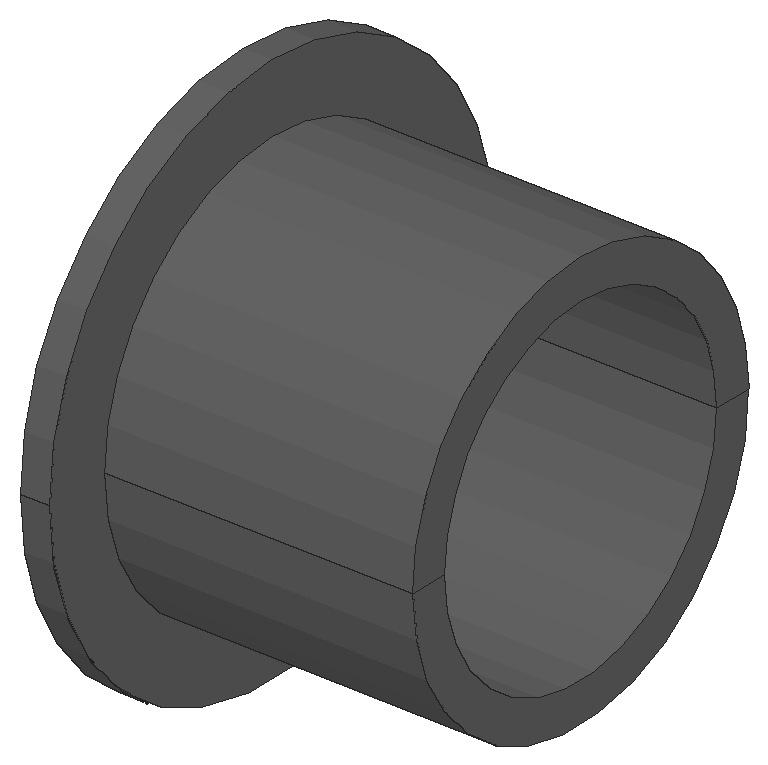
Revit family "QSS+_Бурт", category Соединительные детали трубопроводов, Revit 2019
Family settings
  Размер круглого соединителя = Использовать диаметр
  Тип детали = Соединение
  На основе рабочей плоскости = Нет
  Всегда вертикально = Да
  При загрузке вырезать с полостями = Нет
  Общий = Нет
Parameters (values of type "QSS+")
  Поиск в таблице имен = "QSS+_Бурт"  # constant formula
  Материал_Корпус = Пластик
  k1 [instance] = size_lookup(Поиск в таблице имен, "k1", d - 30 mm, d)  # 117.8 mm
  URL = "www.agpipe.ru"
  K [instance] = size_lookup(Поиск в таблице имен, "K", d + 30 mm, d)  # 128.9 mm
  D1 [instance] = size_lookup(Поиск в таблице имен, "D1", d - 30 mm, d)  # 212 mm
  d [instance] = 160 mm
  ADSK_Примечание = ""
  ADSK_Позиция [instance] = ""
  ADSK_Обозначение = ""
  ADSK_Наименование [instance] = size_lookup(Поиск в таблице имен, "ADSK_Наименование", "Решение не найдено", d)  # "Бурт DN160"
  ADSK_Масса_Текст [instance] = ""
  ADSK_Код изделия [instance] = size_lookup(Поиск в таблице имен, "ADSK_Код изделия", "Решение не найдено", d)  # "QSS-FA-160"
  ADSK_Завод-изготовитель = "Agpipe"  # constant formula
  ADSK_Единица измерения = "шт."  # constant formula
Reference planes
  plane 1 "По центру (Вперед/Назад)": y = 0
  plane 2: z = 0
  plane 3 "По центру (Влево/Вправо)": x = 0
  plane 4: x = -64.45
  plane 5: x = 64.45
  plane 6: x = -53.35
  plane 7: y = 80
  plane 8: y = -80
  plane 9: y = -87.5
  plane 10: y = 87.5
  plane 11: y = 80
  plane 12: y = -80
  plane 13: z = 80
  plane 14: z = -80
Forms (mm)
  Extrusion 1, solid, material "Пластик" <- "Материал_Корпус"
    sketch origin (0, 0, 0) x (0, 1, 0) y (0, 0, 1)
      loop
        circle (0, 0) r 106
    from -64.45 to -53.35
  Revolve 2, solid, material "Пластик" <- "Материал_Корпус"
    sketch origin (0, 0, 0) x (1, 0, 0) y (0, 1, 0)
      loop
        line (-53.35, 65) -> (64.45, 65) -> (64.45, 80) -> (-53.35, 80) -> (-53.35, 65)
      axis (-53.35, 0) -> (64.45, 0)
    angle from 0 to 360
  Revolve 3, void
    sketch origin (0, 0, 0) x (1, 0, 0) y (0, 1, 0)
      loop
        line (-53.35, 65) -> (-64.45, 69.957) -> (-67.45, 69.957) -> (-67.45, 0) -> (-53.35, 0) -> (-53.35, 65)
      axis (-67.45, 0) -> (-53.35, 0)
    angle from 0 to 360
Cuts and joins
  Revolve 3 cuts Extrusion 1
Lines and regions (mm)
  reference lines
    curve 1: line (-64.45, 0, 0) -> (64.45, 0, 0)
Dimensions and locks
  equal spacing: plane 4, plane 3 "По центру (Влево/Вправо)", plane 5
  "K": plane 4 to plane 5
  equal spacing: plane 7, plane 1 "По центру (Вперед/Назад)", plane 8
  "d": plane 7 to plane 8
  equal spacing: plane 9, plane 1 "По центру (Вперед/Назад)", plane 10
  plane 9 to plane 10 = 175 mm
  locked: Revolve 2 sketch curve to plane 7 at 15
  equal spacing: plane 11, plane 1 "По центру (Вперед/Назад)", plane 12
  "d": plane 11 to plane 12
  locked: Revolve 3 sketch curve to plane 11 at 10.043
  locked: Revolve 3 sketch curve to plane 11 at 15
  "k1": plane 6 to plane 5
  equal spacing: plane 13, level, plane 14
  "d": plane 13 to plane 14
  "D1": diameter of Extrusion 1 sketch curve
  aligned and locked: level to plane 2
  aligned and locked: plane 5 to curve 1
  aligned and locked: plane 4 to curve 1
  aligned and locked: plane 1 "По центру (Вперед/Назад)" to curve 1
  aligned and locked: Extrusion 1 to plane 4
  aligned and locked: plane 6 to Extrusion 1
  aligned and locked: plane 5 to Revolve 2 sketch curve
  aligned and locked: Revolve 2 sketch curve to plane 6
  aligned and locked: plane 1 "По центру (Вперед/Назад)" to Revolve 2 sketch curve
  aligned and locked: plane 6 to Revolve 3 sketch curve
  aligned and locked: plane 1 "По центру (Вперед/Назад)" to Revolve 3 sketch curve  (x2)
  aligned and locked: plane 4 to Revolve 3 sketch curve
  aligned and locked: plane 7 to Revolve 2 sketch curve
Automatic sketch dimensions
  Extrusion 1 sketch curve to level = 0 mm
  Extrusion 1 sketch curve to plane 1 "По центру (Вперед/Назад)" = 0 mm
  Revolve 2 sketch curve to plane 5 = 9 mm
  plane 5 to Revolve 2 sketch curve = 100 mm
  Revolve 3 sketch curve to plane 4 = 3 mm
  Revolve 3 sketch curve to Revolve 3 sketch curve = 40 mm
  plane 4 to Revolve 3 sketch curve = 2.1 mm
Connectors
  piping at (-64.45, 0, 0), diameter 160, driven by "d"
    settings: on curve 1, index 1, connector inside diameter 609.6 mm, connector length 0 mm, flow factor 0, pipe flow 0.0 L/s, pressure drop 0.0 Pa, fitting loss kfactor 0, connector angle 0.00°, fixture units 0, engagement length 0 mm, angle of deflection 0.00°, flow configuration 0, flow direction 0, fitting loss method 0, system type 28, joint type 0, gender type 0, connector reference index 2, connector utility 0, adjustable connector no, is connector primary yes, connector description ""
  piping at (64.45, 0, 0), diameter 160, driven by "d"
    settings: on curve 1, index 2, connector inside diameter 609.6 mm, connector length 0 mm, flow factor 0, pipe flow 0.0 L/s, pressure drop 0.0 Pa, fitting loss kfactor 0, connector angle 0.00°, fixture units 0, engagement length 0 mm, angle of deflection 0.00°, flow configuration 0, flow direction 0, fitting loss method 0, system type 28, joint type 0, gender type 0, connector reference index 1, connector utility 0, adjustable connector no, is connector primary no, connector description ""
